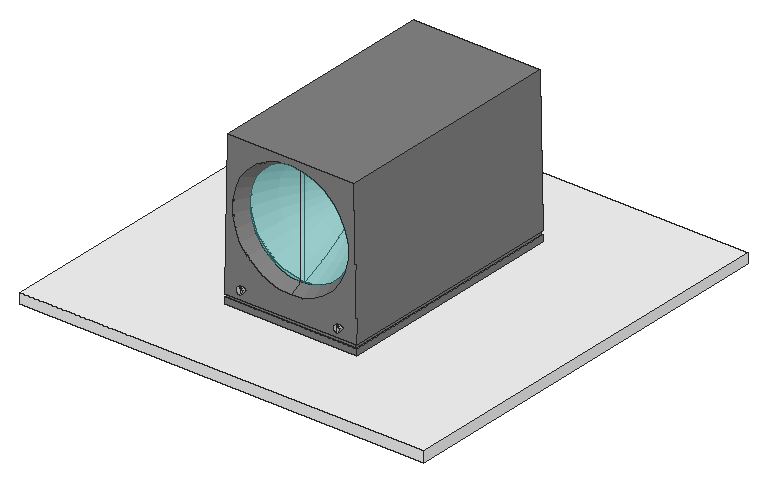
Revit family "BE_33592_de_DE", category Leuchten, Revit 2015
Parameters (values of type "BEGA_33592_Grafit_K4")
  built-in parameter 1150104 = 13.935 (stored number, unit not read)
  Wattage = 15.8 W
  Default Elevation = 0 mm
  built-in parameter 1150113 = 1 (stored number, unit not read)
  built-in parameter 1114218 = 1 (stored number, unit not read)
  Umgebungstemperatur = "25 °C"
  URL = "http://www.bega.de/produkt/33592"
  Typenkommentare = "© 2016 BEGA. Wir behalten uns das Recht vor, technische Änderungen ohne vorherige Ankündigung vorzunehmen."  # constant formula
  Type Image = 33592.png
  built-in parameter 1150134 = 12
  built-in parameter 1150109 = 1 (stored number, unit not read)
  Strom = ""
  built-in parameter 1150110 = 1 (stored number, unit not read)
  Spannung = 239.996 V
  Sonderanfertigung = no
  Seriennummer [instance] = "Hier können Sie die eindeutige Seriennummer für das Facility Management eintragen."
  Schutzklasse = "I"
  Schutzart = "IP 64"
  Scheinlast = 0 VA
  Produktdatenblatt = "http://www.bega.de/download/Xrfa/db/33592.db.de.pdf"
  Oberflächentemperatur = ""
  Neigungswinkel = 0.00°
  Modell = "33592K4"
  Material_17 = BEGA_Reflektor
  Material_15 = BEGA_Leuchtmedium_matt
  Material_11 = BEGA_Glas_opal
  Material_09 = BEGA_Glas_klar
  Material_06 = BEGA_Oberfläche_Edelstahl_gebürstet
  Material_03 = BEGA_Oberfläche_Weiss_matt
  Material_02 = BEGA_Oberfläche_Silber_matt
  Material_01 [instance] = BEGA_Oberfläche_Grafit_matt
  M_W = no
  M_G = yes
  M_A = no
  Logo = 0
  built-in parameter 1114217 = 1 (stored number, unit not read)
  built-in parameter 1150139 = (empty or 0)
  built-in parameter 1150105 = 188.6 (stored number, unit not read)
  built-in parameter 1150114 = 1 (stored number, unit not read)
  Lumens = 2370 lm
  built-in parameter 1150115 = 1 (stored number, unit not read)
  Leuchtenlichtstrom = "1525 lm"
  Leuchtenanzahl = ""
  Lebensdauerkriterien = "L70 = 50.000 h"
  Lastklassifizierung = Beleuchtung
  built-in parameter 1150112 = 1 (stored number, unit not read)
  Lampenlichtstrom = "2370 lm"
  Lampe = "LED 15.8 W"
  LED_Modulbezeichnung = "2x LED-0683/840"
  built-in parameter 1150142 = (empty or 0)
  Hersteller = "BEGA"  # constant formula
  Halbstreuwinkel = ""
  Gewicht = "2.4 kg"
  Gebrauchslageneinschränkung [instance] = ""
  Frequenz = "0/50-60 Hz"
  Farbwiedergabeindex = "Ra > 80"
  Farbtemperaturverschiebung bei Dämpfen der Lampe = <Keine Auswahl>
  Farbtemperatur = "4000 K"
  Color Filter = 16777215
  built-in parameter 1150133 = 10 (stored number, unit not read)
  Energieeffizienzklasse = "LED A++ - A"
  built-in parameter 1150137 = (empty or 0)
  built-in parameter 1150132 = (empty or 0)
  ENEC = "ja"
  Dimmbar [instance] = "DALI"
  Datei für fotometrisches Netz = "BE_33592K4.IES"
  CE_Konformität = "ja"
  Bestellnummer = "33592K4"
  Beschreibung_Sonderanfertigung = "Hier können Sie Informationen zur Sonderanfertigung eintragen."
  Beschreibung = "Wandleuchte"
  built-in parameter 1150106 = 1.886 (stored number, unit not read)
  Befestigungsbohrung = "Ø 4,5 mm"
  Befestigungsabstand = "105 mm"
  Ballwurfsicher = ""
  BEGA_Intern_aus = yes
  BEGA_Intern_an = yes
  BEGA_Intern_Konstruktion = yes
  BEGA_Intern = yes
  BEGA_IES = yes
  BEGA_Dummy = no
  Anschlussleitung = ""
  Anschlussleistung [instance] = "19.3 W"
  built-in parameter 1150107 = 4000 (stored number, unit not read)
  built-in parameter 1150102 = (empty or 0)
  built-in parameter 1150138 = (empty or 0)
  Aktualisierung = "2016-10-24T04:21:34"
  Abstand_zur_angestrahlten_Fläche [instance] = ""
  AC/DC = "AC/DC"
Types (6, lengths in mm): name | built-in parameter 1150104 | built-in parameter 1150134 | Modell | M_W | M_G | M_A | built-in parameter 1150105 | Lumens | Leuchtenlichtstrom | Lampenlichtstrom | LED_Modulbezeichnung | Farbtemperatur | Datei für fotometrisches Netz | Bestellnummer | built-in parameter 1150106 | built-in parameter 1150107
  BEGA_33592_Weiß_K4 | 13.935 (stored number, unit not read) | 12 | "33592WK4" | yes | no | no | 188.6 (stored number, unit not read) | 2370 lm | "1525 lm" | "2370 lm" | "2x LED-0683/840" | "4000 K" | "BE_33592K4.IES" | "33592WK4" | 1.886 (stored number, unit not read) | 4000 (stored number, unit not read)
  BEGA_33592_Grafit_K4 | 13.935 (stored number, unit not read) | 12 | "33592K4" | no | yes | no | 188.6 (stored number, unit not read) | 2370 lm | "1525 lm" | "2370 lm" | "2x LED-0683/840" | "4000 K" | "BE_33592K4.IES" | "33592K4" | 1.886 (stored number, unit not read) | 4000 (stored number, unit not read)
  BEGA_33592_Silber_K4 | 13.935 (stored number, unit not read) | 12 | "33592AK4" | no | no | yes | 188.6 (stored number, unit not read) | 2370 lm | "1525 lm" | "2370 lm" | "2x LED-0683/840" | "4000 K" | "BE_33592K4.IES" | "33592AK4" | 1.886 (stored number, unit not read) | 4000 (stored number, unit not read)
  BEGA_33592_Silber_K3 | 13.229 (stored number, unit not read) | (empty or 0) | "33592A" | no | no | yes | 179.04 (stored number, unit not read) | 2249.92 lm | "1448 lm" | "2250 lm" | "2x LED-0683/830" | "3000 K" | "BE_33592.IES" | "33592A" | 1.7904 (stored number, unit not read) | 3000 (stored number, unit not read)
  BEGA_33592_Weiß_K3 | 13.229 (stored number, unit not read) | (empty or 0) | "33592W" | yes | no | no | 179.04 (stored number, unit not read) | 2249.92 lm | "1448 lm" | "2250 lm" | "2x LED-0683/830" | "3000 K" | "BE_33592.IES" | "33592W" | 1.7904 (stored number, unit not read) | 3000 (stored number, unit not read)
  BEGA_33592_Grafit_K3 | 13.229 (stored number, unit not read) | (empty or 0) | "33592" | no | yes | no | 179.04 (stored number, unit not read) | 2249.92 lm | "1448 lm" | "2250 lm" | "2x LED-0683/830" | "3000 K" | "BE_33592.IES" | "33592" | 1.7904 (stored number, unit not read) | 3000 (stored number, unit not read)
Reference planes
  plane 1 "Mitte (Vorne/Hinten)": y = 0
  plane 2: z = 0
  plane 3 "Mitte (Links/Rechts)": x = 0
  plane 4 "Links": x = -65.11
  plane 5 "Rechts": x = 65.11
  plane 6 "Unten": y = -115.176
  plane 7 "Oben": y = 115.044
  plane 8 "Vorne": z = 151.3
  plane 9 "Hinten": z = 0
Forms (mm)
  Extrusion 1, solid, material "BEGA_Platte_Weiss"
    sketch origin (0, -1119.2, 0) x (1, 0, 0) y (0, 1, 0)
      loop
        line (-200, 1319.2) -> (-200, 919.2) -> (200, 919.2) -> (200, 1319.2) -> (-200, 1319.2)
    from 0 to -10
  Extrusion 2, solid, material "BEGA_Dummy_matt", visible <- "BEGA_Dummy"
    sketch origin (80.095, -76.023, 0) x (1, 0, 0) y (0, 1, 0)
      loop
        line (-145.205, 191.067) -> (-145.205, -39.153) -> (-14.985, -39.153) -> (-14.985, 191.067) -> (-145.205, 191.067)
    from 0 to 151.3
Dimensions and locks
  plane 1 "Mitte (Vorne/Hinten)" to Extrusion 1 = 200 mm
  aligned and locked: plane 2 to Extrusion 1
  aligned and locked: level to Extrusion 1
Nested families
  nested 1: "BE_33592" at (0, 0, 0) x (0, -1, 0) z (0, 0, 1), type "BE_33592"
Connectors
  electrical at (0, 0, 0), driven by "Lastklassifizierung", driven by "Spannung", driven by "Scheinlast"
    settings: index 1, voltage 239.996 V, apparent load 0 VA, apparent load phase1 0 VA, apparent load phase2 0 VA, apparent load phase3 0 VA, power factor 1, load classification "Beleuchtung", number of poles 1, system type 31, power factor state 1, is connector primary yes, connector utility no, sub classification motor no, connector description ""
Definition of nested family "BE_33592"
  Parameters (values of type "BE_33592")
    Default Elevation = 1 mm
    URL = "http://www.bega.de/de/produkt"
    Type Comments = "© 2015 BEGA. Wir behalten uns das Recht vor, technische Änderungen ohne vorherige Ankündigung vorzunehmen. "  # constant formula
    Type Image = (empty or 0)
    Material_17 = none
    Material_15 = none
    Material_11 = none
    Material_09 = none
    Material_06 = none
    Material_03 = none
    Material_02 = none
    Material_01 = none
    M_W = yes
    M_G = yes
    M_A = yes
    Länge_Platte = 300 mm  # constant formula
    Höhe_Platte = -10 mm  # constant formula
    Manufacturer = "BEGA"  # constant formula
    Breite_Platte = 200 mm  # constant formula
  Reference planes
    plane 1 "Mitte (Oben/Unten)": y = 0
    plane 2: z = 0
    plane 3 "Mitte (Links/Rechts)": x = 0
    plane 4 "Unten": y = -65.11
    plane 5: x = -115.044
    plane 6: z = 151.3
    plane 7: x = 115.176
    plane 8: y = 65.11
  Forms (mm)
    Extrusion 1, solid, detail levels medium
      sketch origin (0, 0, 0) x (1, 0, 0) y (0, 1, 0)
        loop
          line (-150, 100) -> (-150, -100) -> (150, -100) -> (150, 100) -> (-150, 100)
      from 0 to -10 <- "Höhe_Platte"
    Extrusion 2, solid, material <- "Material_01", visible <- "M_G", detail levels medium+fine
      sketch origin (0, 0, 0) x (1, 0, 0) y (0, 0, 1)
        loop
          line (-114.824, 9.3) -> (-102.259, 9.3) -> (-102.259, 148.3) -> (102.259, 148.3) -> (102.259, 9.3) -> (115.176, 9.3) -> (115.176, 151.3) -> (-114.824, 151.3) -> (-114.824, 9.3)
      from -65.11 to 65.11
    Extrusion 3, solid, material <- "Material_01", visible <- "M_G", detail levels medium+fine
      sketch origin (0, 0, 0) x (0, 1, 0) y (0, 0, 1)
        loop
          line (-60, 151.3) -> (-65.11, 151.3) -> (-65.11, 9.3) -> (-60, 9.3) -> (-60, 151.3)
        loop
          line (60, 151.3) -> (60, 9.3) -> (65.11, 9.3) -> (65.11, 151.3) -> (60, 151.3)
      from -114.824 to 115.176
    Sweep 4, solid, material <- "Material_01", visible <- "M_G", detail levels medium+fine
      path origin (0, 0, 0) x (1, 0, 0) y (0, 1, 0)
        loop
          line (115.176, -65.11) -> (115.176, 65.11) -> (-115.11, 65.11) -> (-115.11, -65.11) -> (115.176, -65.11)
      profile origin (115.176, 0, 0) x (-1, 0, 0) y (0, 0, 1)
        loop
          line (0.176, 6.3) -> (0.066, 0) -> (7.976, 0) -> (8.447, 9) -> (54.804, 9) -> (54.804, 11.3) -> (3.262, 11.3) -> (1.041, 9.3) -> (1.041, 6.3) -> (0.176, 6.3)
    Extrusion 5, solid, material <- "Material_01", visible <- "M_G", detail levels medium+fine
      sketch origin (0, 0, 0) x (1, 0, 0) y (0, 1, 0)
        loop
          line (-60.306, 10.306) -> (-60.306, -10.306) -> (60.372, -10.306) -> (60.372, 10.306) -> (-60.306, 10.306)
      from 9 to 11.3
    Revolve 6, void
      sketch origin (0, 0, 0) x (1, 0, 0) y (0, 0, 1)
        loop
          line (-110.424, 145.05) -> (-115.712, 145.05) -> (-115.712, 88.3) -> (-102.259, 88.3) -> (-102.259, 140.535) -> (-110.424, 140.535) -> (-110.424, 145.05)
        axis (-115.712, 88.3) -> (-102.259, 88.3)
      angle from 0 to 360
    Revolve 7, void
      sketch origin (0, 0, 0) x (1, 0, 0) y (0, 0, 1)
        loop
          line (102.259, 139.777) -> (102.259, 88.3) -> (115.176, 88.3) -> (115.176, 145.8) -> (102.259, 139.777)
        axis (115.176, 88.3) -> (102.259, 88.3)
      angle from 0 to 360
    Revolve 8, solid, material <- "Material_17", detail levels medium+fine
      sketch origin (0, 0, 0) x (1, 0, 0) y (0, 0, 1)
        loop
          arc (-102.097, 141.256) -> (-68.897, 126.601) -> (-40.677, 103.781) r 137.727
          line (-40.677, 103.781) -> (-40.06, 93.694) -> (-39.056, 93.667) -> (-39.71, 104.364)
          arc (-39.71, 104.364) -> (-67.927, 127.265) -> (-101.152, 141.988) r 137.727
          line (-101.152, 141.988) -> (-101.152, 145.816) -> (-102.097, 145.816) -> (-102.097, 141.256)
        axis (-102.097, 88.3) -> (-39.056, 88.3)
      angle from 0 to 360
    Revolve 9, solid, material <- "Material_17", detail levels medium+fine
      sketch origin (-4.05, 0, 0) x (-1, 0, 0) y (0, 0, 1)
        loop
          arc (-102.097, 141.256) -> (-68.897, 126.601) -> (-40.677, 103.781) r 137.727
          line (-40.677, 103.781) -> (-40.06, 93.694) -> (-39.056, 93.667) -> (-39.71, 104.364)
          arc (-39.71, 104.364) -> (-67.927, 127.265) -> (-101.152, 141.988) r 137.727
          line (-101.152, 141.988) -> (-101.152, 145.816) -> (-102.097, 145.816) -> (-102.097, 141.256)
        axis (-102.097, 88.3) -> (-39.056, 88.3)
      angle from 0 to 360
    Revolve 10, solid, material <- "Material_09", detail levels medium+fine
      sketch origin (0, 0, 0) x (1, 0, 0) y (0, 0, 1)
        loop
          line (98.047, 144.78) -> (98.047, 88.3) -> (102.227, 88.3) -> (102.227, 144.78) -> (98.047, 144.78)
        axis (98.047, 88.3) -> (102.227, 88.3)
      angle from 0 to 360
    Revolve 11, solid, material <- "Material_09", detail levels medium+fine
      sketch origin (-12.565, 0, 0) x (-1, 0, 0) y (0, 0, 1)
        loop
          line (98.047, 144.78) -> (98.047, 88.3) -> (102.227, 88.3) -> (102.227, 144.78) -> (98.047, 144.78)
        axis (98.047, 88.3) -> (102.227, 88.3)
      angle from 0 to 360
    Revolve 12, solid, material <- "Material_15", detail levels medium+fine
      sketch origin (0, 0, 0) x (1, 0, 0) y (0, 0, 1)
        loop
          line (-36.847, 88.3) -> (-35.805, 88.3) -> (-35.805, 93.042) -> (-36.847, 93.042) -> (-36.847, 88.3)
        axis (-36.847, 88.3) -> (-35.805, 88.3)
      angle from 0 to 360
    Revolve 13, solid, material <- "Material_15", detail levels medium+fine
      sketch origin (69.774, 0, 0) x (1, 0, 0) y (0, 0, 1)
        loop
          line (-36.847, 88.3) -> (-35.805, 88.3) -> (-35.805, 93.042) -> (-36.847, 93.042) -> (-36.847, 88.3)
        axis (-36.847, 88.3) -> (-35.805, 88.3)
      angle from 0 to 360
    Revolve 14, solid, material <- "Material_06", detail levels fine
      sketch origin (0, -48, 0) x (1, 0, 0) y (0, 0, -1)
        loop
          line (114.588, -22.1) -> (118.376, -22.1) -> (118.376, -19.101) -> (114.588, -19.101) -> (114.588, -22.1)
        axis (114.588, -19.101) -> (118.376, -19.101)
      angle from 0 to 360
    Revolve 15, solid, material <- "Material_06", detail levels fine
      sketch origin (0, 48, 0) x (1, 0, 0) y (0, 0, 1)
        loop
          line (114.588, 22.1) -> (114.588, 19.101) -> (118.376, 19.101) -> (118.376, 22.1) -> (114.588, 22.1)
        axis (114.588, 19.101) -> (118.376, 19.101)
      angle from 0 to 360
    Sweep 16, solid, material <- "Material_02", visible <- "M_A", detail levels medium+fine
      path origin (0, 0, 0) x (1, 0, 0) y (0, 1, 0)
        loop
          line (115.176, -65.11) -> (115.176, 65.11) -> (-115.11, 65.11) -> (-115.11, -65.11) -> (115.176, -65.11)
      profile origin (115.176, 0, 0) x (-1, 0, 0) y (0, 0, 1)
        loop
          line (0.176, 6.3) -> (0.066, 0) -> (7.976, 0) -> (8.447, 9) -> (54.804, 9) -> (54.804, 11.3) -> (3.262, 11.3) -> (1.041, 9.3) -> (1.041, 6.3) -> (0.176, 6.3)
    Extrusion 17, solid, material <- "Material_02", visible <- "M_A", detail levels medium+fine
      sketch origin (0, 0, 0) x (1, 0, 0) y (0, 1, 0)
        loop
          line (-60.306, 10.306) -> (-60.306, -10.306) -> (60.372, -10.306) -> (60.372, 10.306) -> (-60.306, 10.306)
      from 9 to 11.3
    Sweep 18, solid, material <- "Material_03", visible <- "M_W", detail levels medium+fine
      path origin (0, 0, 0) x (1, 0, 0) y (0, 1, 0)
        loop
          line (115.176, -65.11) -> (115.176, 65.11) -> (-115.11, 65.11) -> (-115.11, -65.11) -> (115.176, -65.11)
      profile origin (115.176, 0, 0) x (-1, 0, 0) y (0, 0, 1)
        loop
          line (0.176, 6.3) -> (0.066, 0) -> (7.976, 0) -> (8.447, 9) -> (54.804, 9) -> (54.804, 11.3) -> (3.262, 11.3) -> (1.041, 9.3) -> (1.041, 6.3) -> (0.176, 6.3)
    Extrusion 19, solid, material <- "Material_03", visible <- "M_W", detail levels medium+fine
      sketch origin (0, 0, 0) x (1, 0, 0) y (0, 1, 0)
        loop
          line (-60.306, 10.306) -> (-60.306, -10.306) -> (60.372, -10.306) -> (60.372, 10.306) -> (-60.306, 10.306)
      from 9 to 11.3
    Extrusion 20, solid, material <- "Material_02", visible <- "M_A", detail levels medium+fine
      sketch origin (0, 0, 0) x (1, 0, 0) y (0, 0, 1)
        loop
          line (-114.824, 9.3) -> (-102.259, 9.3) -> (-102.259, 148.3) -> (102.259, 148.3) -> (102.259, 9.3) -> (115.176, 9.3) -> (115.176, 151.3) -> (-114.824, 151.3) -> (-114.824, 9.3)
      from -65.11 to 65.11
    Extrusion 21, solid, material <- "Material_02", visible <- "M_A", detail levels medium+fine
      sketch origin (0, 0, 0) x (0, 1, 0) y (0, 0, 1)
        loop
          line (-60, 151.3) -> (-65.11, 151.3) -> (-65.11, 9.3) -> (-60, 9.3) -> (-60, 151.3)
        loop
          line (60, 151.3) -> (60, 9.3) -> (65.11, 9.3) -> (65.11, 151.3) -> (60, 151.3)
      from -114.824 to 115.176
    Extrusion 22, solid, material <- "Material_03", visible <- "M_W", detail levels medium+fine
      sketch origin (0, 0, 0) x (1, 0, 0) y (0, 0, 1)
        loop
          line (-114.824, 9.3) -> (-102.259, 9.3) -> (-102.259, 148.3) -> (102.259, 148.3) -> (102.259, 9.3) -> (115.176, 9.3) -> (115.176, 151.3) -> (-114.824, 151.3) -> (-114.824, 9.3)
      from -65.11 to 65.11
    Extrusion 23, solid, material <- "Material_03", visible <- "M_W", detail levels medium+fine
      sketch origin (0, 0, 0) x (0, 1, 0) y (0, 0, 1)
        loop
          line (-60, 151.3) -> (-65.11, 151.3) -> (-65.11, 9.3) -> (-60, 9.3) -> (-60, 151.3)
        loop
          line (60, 151.3) -> (60, 9.3) -> (65.11, 9.3) -> (65.11, 151.3) -> (60, 151.3)
      from -114.824 to 115.176
    Extrusion 24, void
      sketch origin (0, 0, 0) x (1, 0, 0) y (0, 1, 0)
        loop
          circle (0, 52.5) r 2.25
        loop
          circle (0, -52.5) r 2.25
        loop
          circle (19, 45) r 8.5
        loop
          circle (-19, 45) r 8.5
      from 0 to 15.771
    Extrusion 25, void
      sketch origin (0, 0, 0) x (0, 1, 0) y (0, 0, 1)
        loop
          line (-65.11, 9.3) -> (-62.522, 157.547) -> (-65.11, 157.547) -> (-65.11, 9.3)
        loop
          line (65.11, 9.3) -> (65.11, 157.547) -> (62.522, 157.547) -> (65.11, 9.3)
      from -122.47 to 122.023
  Cuts and joins
    Revolve 6, Revolve 7, Extrusion 24, Extrusion 25 cuts Extrusion 2
    Revolve 6, Revolve 7, Extrusion 24, Extrusion 25 cuts Extrusion 3
    joined: Extrusion 2, Extrusion 3
    Extrusion 24 cuts Sweep 4
    Extrusion 24 cuts Extrusion 5
    joined: Sweep 4, Extrusion 5
    Extrusion 24 cuts Sweep 16
    Extrusion 24 cuts Extrusion 17
    joined: Sweep 16, Extrusion 17
    Extrusion 24 cuts Sweep 18
    Extrusion 24 cuts Extrusion 19
    joined: Sweep 18, Extrusion 19
    Revolve 6, Revolve 7, Extrusion 24, Extrusion 25 cuts Extrusion 20
    Extrusion 24, Extrusion 25 cuts Extrusion 21
    joined: Extrusion 20, Extrusion 21
    Revolve 6, Revolve 7, Extrusion 24, Extrusion 25 cuts Extrusion 22
    Extrusion 24, Extrusion 25 cuts Extrusion 23
    joined: Extrusion 22, Extrusion 23
  Dimensions and locks
    equal spacing: Extrusion 1 sketch curve, plane 3 "Mitte (Links/Rechts)", Extrusion 1 sketch curve
    equal spacing: Extrusion 1 sketch curve, plane 1 "Mitte (Oben/Unten)", Extrusion 1 sketch curve
    "Länge_Platte": Extrusion 1 sketch curve to Extrusion 1 sketch curve
    "Breite_Platte": Extrusion 1 sketch curve to Extrusion 1 sketch curve
    aligned and locked: Extrusion 1 to plane 2
    aligned and locked: level to Extrusion 1
  Automatic sketch dimensions
    Extrusion 2 sketch curve to Extrusion 2 sketch curve = 12.565 mm
    level to Extrusion 2 sketch curve = 9.3 mm  (x2)
    Extrusion 2 sketch curve to Extrusion 2 sketch curve = 12.917 mm
    Extrusion 2 sketch curve to Extrusion 2 sketch curve = 3 mm
    plane 1 "Mitte (Oben/Unten)" to Extrusion 3 sketch curve = 65.11 mm
    Extrusion 3 sketch curve to Extrusion 3 sketch curve = 5.11 mm  (x2)
    Extrusion 3 sketch curve to plane 1 "Mitte (Oben/Unten)" = 60 mm
    level to Extrusion 3 sketch curve = 9.3 mm  (x2)
    plane 1 "Mitte (Oben/Unten)" to Sweep 4 sketch curve = 65.11 mm
    Sweep 4 sketch curve to plane 1 "Mitte (Oben/Unten)" = 65.11 mm
    Sweep 4 sketch curve to level = 0 mm
    Sweep 4 sketch curve to profile plane = 0.066 mm
    Sweep 4 sketch curve to profile plane = 0.176 mm
    Sweep 4 sketch curve to profile plane = 1.041 mm
    Sweep 4 sketch curve to Sweep 4 sketch curve = 2.221 mm
    Sweep 4 sketch curve to Sweep 4 sketch curve = 7.91 mm
    Sweep 4 sketch curve to Sweep 4 sketch curve = 5.185 mm
    level to Sweep 4 sketch curve = 9 mm
    Sweep 4 sketch curve to Sweep 4 sketch curve = 46.356 mm
    level to Sweep 4 sketch curve = 6.3 mm
    Sweep 4 sketch curve to Sweep 4 sketch curve = 3 mm
    Sweep 4 sketch curve to Sweep 4 sketch curve = 2 mm
    plane 1 "Mitte (Oben/Unten)" to Extrusion 5 sketch curve = 10.306 mm
    Extrusion 5 sketch curve to plane 3 "Mitte (Links/Rechts)" = 60.306 mm
    plane 3 "Mitte (Links/Rechts)" to Extrusion 5 sketch curve = 60.372 mm
    Extrusion 5 sketch curve to plane 1 "Mitte (Oben/Unten)" = 10.306 mm
    Revolve 6 sketch curve to Revolve 6 sketch curve = 5.287 mm
    Revolve 6 sketch curve to Revolve 6 sketch curve = 8.165 mm
    level to Revolve 6 sketch curve = 88.3 mm
    Revolve 6 sketch curve to Revolve 6 sketch curve = 52.235 mm
    Revolve 6 sketch curve to Revolve 6 sketch curve = 4.515 mm
    Revolve 6 sketch curve to Revolve 6 sketch curve = 0 mm  (x2)
    Revolve 6 sketch curve to plane 3 "Mitte (Links/Rechts)" = 25.712 mm
    Revolve 7 sketch curve to Revolve 7 sketch curve = 12.917 mm
    level to Revolve 7 sketch curve = 88.3 mm
    Revolve 7 sketch curve to Revolve 7 sketch curve = 51.477 mm
    Revolve 7 sketch curve to Revolve 7 sketch curve = 6.023 mm
    plane 3 "Mitte (Links/Rechts)" to Revolve 7 sketch curve = 18.248 mm
    Revolve 7 sketch curve to Revolve 7 sketch curve = 0 mm  (x2)
    level to Revolve 8 sketch curve = 9.03 mm
    Revolve 8 sketch curve to Revolve 8 sketch curve = 0.78 mm  (x2)
    Revolve 8 sketch curve to Revolve 8 sketch curve = 0.945 mm
    Revolve 8 sketch curve to plane 3 "Mitte (Links/Rechts)" = 40.677 mm
    Revolve 8 sketch curve to Revolve 8 sketch curve = 0.617 mm
    Revolve 8 sketch curve to Revolve 8 sketch curve = 0.966 mm
    Revolve 8 sketch curve to Revolve 8 sketch curve = 1.003 mm
    level to Revolve 8 sketch curve = 93.667 mm
    Revolve 8 sketch curve to Revolve 8 sketch curve = 0.026 mm
    Revolve 8 sketch curve to Revolve 8 sketch curve = 10.088 mm
    Revolve 8 sketch curve to Revolve 8 sketch curve = 0.583 mm
    Revolve 8 sketch curve to Revolve 8 sketch curve = 3.828 mm
    Revolve 8 sketch curve to Revolve 8 sketch curve = 8.327 mm
    Revolve 8 sketch curve to Revolve 8 sketch curve = 18.632 mm
    Revolve 8 sketch curve to Revolve 8 sketch curve = 5.367 mm
    Revolve 9 sketch curve to level = 9.03 mm
    Revolve 9 sketch curve to Revolve 9 sketch curve = 0.78 mm  (x2)
    Revolve 9 sketch curve to plane 3 "Mitte (Links/Rechts)" = 98.047 mm
    Revolve 9 sketch curve to Revolve 9 sketch curve = 0.945 mm
    Revolve 9 sketch curve to plane 3 "Mitte (Links/Rechts)" = 36.627 mm
    Revolve 9 sketch curve to Revolve 9 sketch curve = 0.617 mm
    Revolve 9 sketch curve to Revolve 9 sketch curve = 0.966 mm
    Revolve 9 sketch curve to Revolve 9 sketch curve = 1.003 mm
    Revolve 9 sketch curve to level = 93.667 mm
    Revolve 9 sketch curve to Revolve 9 sketch curve = 0.026 mm
    Revolve 9 sketch curve to Revolve 9 sketch curve = 10.088 mm
    Revolve 9 sketch curve to Revolve 9 sketch curve = 0.583 mm
    Revolve 9 sketch curve to Revolve 9 sketch curve = 3.828 mm
    Revolve 9 sketch curve to Revolve 9 sketch curve = 8.327 mm
    Revolve 9 sketch curve to plane 3 "Mitte (Links/Rechts)" = 16.374 mm
    Revolve 9 sketch curve to Revolve 9 sketch curve = 5.367 mm
    plane 3 "Mitte (Links/Rechts)" to Revolve 10 sketch curve = 98.047 mm
    Revolve 10 sketch curve to Revolve 10 sketch curve = 4.18 mm
    level to Revolve 10 sketch curve = 88.3 mm
    Revolve 10 sketch curve to Revolve 10 sketch curve = 0 mm  (x2)
    Revolve 10 sketch curve to Revolve 10 sketch curve = 7.502 mm
    Revolve 11 sketch curve to Revolve 11 sketch curve = 4.18 mm
    Revolve 11 sketch curve to level = 88.3 mm
    Revolve 11 sketch curve to Revolve 11 sketch curve = 0 mm  (x2)
    Revolve 11 sketch curve to Revolve 11 sketch curve = 7.502 mm
    Revolve 12 sketch curve to plane 3 "Mitte (Links/Rechts)" = 36.847 mm
    Revolve 12 sketch curve to Revolve 12 sketch curve = 1.042 mm
    level to Revolve 12 sketch curve = 88.3 mm
    Revolve 12 sketch curve to Revolve 12 sketch curve = 4.742 mm
    Revolve 12 sketch curve to Revolve 12 sketch curve = 0 mm  (x2)
    Revolve 12 sketch curve to Revolve 12 sketch curve = 2.757 mm
    plane 3 "Mitte (Links/Rechts)" to Revolve 13 sketch curve = 32.927 mm
    Revolve 13 sketch curve to Revolve 13 sketch curve = 1.042 mm
    level to Revolve 13 sketch curve = 88.3 mm
    Revolve 13 sketch curve to Revolve 13 sketch curve = 4.742 mm
    Revolve 13 sketch curve to Revolve 13 sketch curve = 0 mm  (x2)
    Revolve 13 sketch curve to Revolve 13 sketch curve = 2.757 mm
    level to Revolve 14 sketch curve = 22.1 mm
    Revolve 14 sketch curve to Revolve 14 sketch curve = 3.788 mm
    Revolve 14 sketch curve to Revolve 14 sketch curve = 2.999 mm
    Revolve 14 sketch curve to Revolve 14 sketch curve = 0 mm  (x3)
    level to Revolve 15 sketch curve = 22.1 mm
    Revolve 15 sketch curve to Revolve 15 sketch curve = 3.788 mm
    Revolve 15 sketch curve to Revolve 15 sketch curve = 2.999 mm
    Revolve 15 sketch curve to Revolve 15 sketch curve = 0 mm  (x3)
    plane 1 "Mitte (Oben/Unten)" to Sweep 16 sketch curve = 65.11 mm
    Sweep 16 sketch curve to plane 1 "Mitte (Oben/Unten)" = 65.11 mm
    Sweep 16 sketch curve to level = 0 mm
    Sweep 16 sketch curve to profile plane = 0.066 mm
    Sweep 16 sketch curve to profile plane = 0.176 mm
    Sweep 16 sketch curve to profile plane = 1.041 mm
    Sweep 16 sketch curve to Sweep 16 sketch curve = 2.221 mm
    Sweep 16 sketch curve to Sweep 16 sketch curve = 7.91 mm
    Sweep 16 sketch curve to Sweep 16 sketch curve = 5.185 mm
    level to Sweep 16 sketch curve = 9 mm
    Sweep 16 sketch curve to Sweep 16 sketch curve = 46.356 mm
    level to Sweep 16 sketch curve = 6.3 mm
    Sweep 16 sketch curve to Sweep 16 sketch curve = 3 mm
    Sweep 16 sketch curve to Sweep 16 sketch curve = 2 mm
    plane 1 "Mitte (Oben/Unten)" to Extrusion 17 sketch curve = 10.306 mm
    Extrusion 17 sketch curve to plane 3 "Mitte (Links/Rechts)" = 60.306 mm
    plane 3 "Mitte (Links/Rechts)" to Extrusion 17 sketch curve = 60.372 mm
    Extrusion 17 sketch curve to plane 1 "Mitte (Oben/Unten)" = 10.306 mm
    plane 1 "Mitte (Oben/Unten)" to Sweep 18 sketch curve = 65.11 mm
    Sweep 18 sketch curve to plane 1 "Mitte (Oben/Unten)" = 65.11 mm
    Sweep 18 sketch curve to level = 0 mm
    Sweep 18 sketch curve to profile plane = 0.066 mm
    Sweep 18 sketch curve to profile plane = 0.176 mm
    Sweep 18 sketch curve to profile plane = 1.041 mm
    Sweep 18 sketch curve to Sweep 18 sketch curve = 2.221 mm
    Sweep 18 sketch curve to Sweep 18 sketch curve = 7.91 mm
    Sweep 18 sketch curve to Sweep 18 sketch curve = 5.185 mm
    level to Sweep 18 sketch curve = 9 mm
    Sweep 18 sketch curve to Sweep 18 sketch curve = 46.356 mm
    level to Sweep 18 sketch curve = 6.3 mm
    Sweep 18 sketch curve to Sweep 18 sketch curve = 3 mm
    Sweep 18 sketch curve to Sweep 18 sketch curve = 2 mm
    plane 1 "Mitte (Oben/Unten)" to Extrusion 19 sketch curve = 10.306 mm
    Extrusion 19 sketch curve to plane 3 "Mitte (Links/Rechts)" = 60.306 mm
    plane 3 "Mitte (Links/Rechts)" to Extrusion 19 sketch curve = 60.372 mm
    Extrusion 19 sketch curve to plane 1 "Mitte (Oben/Unten)" = 10.306 mm
    Extrusion 20 sketch curve to Extrusion 20 sketch curve = 12.565 mm
    level to Extrusion 20 sketch curve = 9.3 mm  (x2)
    Extrusion 20 sketch curve to Extrusion 20 sketch curve = 12.917 mm
    Extrusion 20 sketch curve to Extrusion 20 sketch curve = 3 mm
    plane 1 "Mitte (Oben/Unten)" to Extrusion 21 sketch curve = 65.11 mm
    Extrusion 21 sketch curve to Extrusion 21 sketch curve = 5.11 mm  (x2)
    Extrusion 21 sketch curve to plane 1 "Mitte (Oben/Unten)" = 60 mm
    level to Extrusion 21 sketch curve = 9.3 mm  (x2)
    Extrusion 22 sketch curve to Extrusion 22 sketch curve = 12.565 mm
    level to Extrusion 22 sketch curve = 9.3 mm  (x2)
    Extrusion 22 sketch curve to Extrusion 22 sketch curve = 12.917 mm
    Extrusion 22 sketch curve to Extrusion 22 sketch curve = 3 mm
    plane 1 "Mitte (Oben/Unten)" to Extrusion 23 sketch curve = 65.11 mm
    Extrusion 23 sketch curve to Extrusion 23 sketch curve = 5.11 mm  (x2)
    Extrusion 23 sketch curve to plane 1 "Mitte (Oben/Unten)" = 60 mm
    level to Extrusion 23 sketch curve = 9.3 mm  (x2)
    Extrusion 24 sketch curve to plane 3 "Mitte (Links/Rechts)" = 0 mm  (x2)
    Extrusion 24 sketch curve to plane 3 "Mitte (Links/Rechts)" = 19 mm
    plane 3 "Mitte (Links/Rechts)" to Extrusion 24 sketch curve = 19 mm
    plane 1 "Mitte (Oben/Unten)" to Extrusion 24 sketch curve = 52.5 mm
    Extrusion 24 sketch curve to plane 1 "Mitte (Oben/Unten)" = 45 mm
    Extrusion 24 sketch curve to Extrusion 24 sketch curve = 0 mm
    Extrusion 24 sketch curve to Extrusion 24 sketch curve = 7.5 mm
    Extrusion 2 sketch curve to plane 3 "Mitte (Links/Rechts)" = 114.824 mm
    plane 3 "Mitte (Links/Rechts)" to Extrusion 2 sketch curve = 102.259 mm
    Sweep 4 sketch curve to plane 3 "Mitte (Links/Rechts)" = 115.11 mm
    plane 3 "Mitte (Links/Rechts)" to Sweep 4 sketch curve = 115.176 mm
    Revolve 6 sketch curve to Revolve 6 sketch curve = 76.547 mm
    Revolve 7 sketch curve to Revolve 7 sketch curve = 84.01 mm
    Revolve 8 sketch curve to Revolve 8 sketch curve = 60.475 mm
    Revolve 9 sketch curve to Revolve 9 sketch curve = 29.427 mm
    plane 3 "Mitte (Links/Rechts)" to Revolve 11 sketch curve = 110.613 mm
    plane 3 "Mitte (Links/Rechts)" to Revolve 14 sketch curve = 114.588 mm
    plane 3 "Mitte (Links/Rechts)" to Revolve 15 sketch curve = 114.588 mm
    Sweep 16 sketch curve to plane 3 "Mitte (Links/Rechts)" = 115.11 mm
    plane 3 "Mitte (Links/Rechts)" to Sweep 16 sketch curve = 115.176 mm
    Sweep 18 sketch curve to plane 3 "Mitte (Links/Rechts)" = 115.11 mm
    plane 3 "Mitte (Links/Rechts)" to Sweep 18 sketch curve = 115.176 mm
    Extrusion 20 sketch curve to plane 3 "Mitte (Links/Rechts)" = 114.824 mm
    plane 3 "Mitte (Links/Rechts)" to Extrusion 20 sketch curve = 102.259 mm
    Extrusion 22 sketch curve to plane 3 "Mitte (Links/Rechts)" = 114.824 mm
    plane 3 "Mitte (Links/Rechts)" to Extrusion 22 sketch curve = 102.259 mm
    Extrusion 2 sketch curve to plane 6 = 0 mm
    plane 6 to Extrusion 3 sketch curve = 0 mm  (x2)
    plane 5 to Revolve 8 sketch curve = 24.807 mm
    plane 6 to Revolve 10 sketch curve = 6.52 mm
    Revolve 11 sketch curve to plane 6 = 6.52 mm
    Extrusion 20 sketch curve to plane 6 = 0 mm
    plane 6 to Extrusion 21 sketch curve = 0 mm  (x2)
    Extrusion 22 sketch curve to plane 6 = 0 mm
    plane 6 to Extrusion 23 sketch curve = 0 mm  (x2)
    Extrusion 25 sketch curve to plane 4 "Unten" = 0 mm
    Extrusion 25 sketch curve to plane 8 = 0 mm
    Extrusion 25 sketch curve to Extrusion 25 sketch curve = 2.588 mm  (x2)
    level to Extrusion 25 sketch curve = 9.3 mm  (x2)
    Extrusion 25 sketch curve to plane 6 = 6.247 mm  (x2)
    radius of Extrusion 24 sketch curve = 2.25 mm  (x2)
    radius of Extrusion 24 sketch curve = 8.5 mm  (x2)
